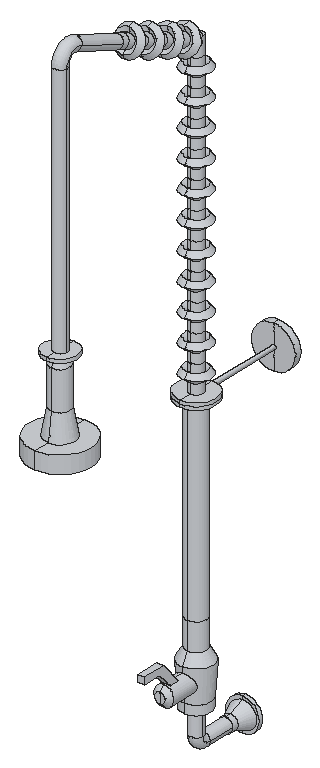
Revit family "FWS011", category Modelos genéricos, Revit 2014
Parameters
  Modelo = "FWS011"  # constant formula
  Fabricante = "Enware"  # constant formula
  Author = "Yepsketch"  # constant formula
Reference planes
  plane 1 "Centro (Frontal/Posterior)": y = 0
  plane 2: z = 0
  plane 3 "Centro (Izquierda/Derecha)": x = 0
  plane 4: y = -155
  plane 5: y = -410
  plane 6: y = -155
Forms (mm)
  Revolve 1, solid
    sketch origin (0, 0, 0) x (0, 1, 0) y (0, 0, 1)
      loop
        line (-155, 0) -> (-155, -4.258) -> (-125, -4.258) -> (-125, 0) -> (-125, 5) -> (-155, 5) -> (-155, 0)
      axis (-155, 5) -> (-155, -4.258)
    angle from 0 to 360
  Revolve 2, solid
    sketch origin (0, 0, 0) x (0, 1, 0) y (0, 0, 1)
      loop
        line (0, 0) -> (0, 32.5) -> (-10, 32.5) -> (-10, 3.156) -> (-125, 3.156) -> (-125, 0) -> (0, 0)
      axis (0, 0) -> (-125, 0)
    angle from 0 to 360
  Revolve 3, solid
    sketch origin (0, 0, 15) x (0, 1, 0) y (0, 0, 1)
      loop
        line (-139.749, -311.946) -> (-139.749, -20) -> (-155, -20) -> (-155, -434.195) -> (-133.237, -434.195) -> (-133.237, -420.003) -> (-129.749, -370.124) -> (-139.749, -352.804) -> (-139.749, -311.946)
      axis (-155, -20) -> (-155, -434.195)
    angle from 0 to 360
  Sweep 4, solid
    path origin (0, 0, 0) x (0, 1, 0) y (0, 0, 1)
      loop
        line (-410, 152.5) -> (-410, 552.887)
        arc (-410, 552.887) -> (-401.194, 569.461) -> (-382.53, 571.439) r 20
        line (-382.53, 571.439) -> (-304.621, 540.069)
    profile origin (0, -410, 352.693) x (0, -1, 0) y (1, 0, 0)
      loop
        circle (0, 0) r 10
  Revolve 5, solid
    sketch origin (0, 0, 0) x (0, 1, 0) y (0, 0, 1)
      loop
        line (-155, 5) -> (-145, 5) -> (-145, 20) -> (-132.713, 28.604) -> (-138.448, 36.795) -> (-145, 32.208) -> (-145, 46.152) -> (-145, 61.152) -> (-132.713, 69.755) -> (-138.448, 77.947) -> (-145, 73.359) -> (-145, 87.303) -> (-145, 102.303) -> (-132.713, 110.907) -> (-138.448, 119.099) -> (-145, 114.511) -> (-145, 128.455) -> (-145, 143.455) -> (-132.713, 152.059) -> (-138.448, 160.25) -> (-145, 155.663) -> (-145, 169.607) -> (-145, 184.607) -> (-132.713, 193.21) -> (-138.448, 201.402) -> (-145, 196.815) -> (-145, 210.759) -> (-145, 225.759) -> (-132.713, 234.362) -> (-138.448, 242.554) -> (-145, 237.966) -> (-145, 251.91) -> (-145, 266.91) -> (-132.713, 275.514) -> (-138.448, 283.705) -> (-145, 279.118) -> (-145, 293.062) -> (-145, 308.062) -> (-132.713, 316.666) -> (-138.448, 324.857) -> (-145, 320.27) -> (-145, 334.214) -> (-145, 349.214) -> (-132.713, 357.817) -> (-138.448, 366.009) -> (-145, 361.421) -> (-145, 375.365) -> (-145, 390.365) -> (-132.713, 398.969) -> (-138.448, 407.16) -> (-145, 402.573) -> (-145, 416.517) -> (-145, 431.517) -> (-132.713, 440.121) -> (-138.448, 448.312) -> (-145, 443.725) -> (-145, 457.669) -> (-145, 483.305) -> (-155, 483.305) -> (-155, 5)
      axis (-155, 483.305) -> (-155, 5)
    angle from 0 to 360
  Revolve 6, solid
    sketch origin (0, 0, 0) x (0, 1, 0) y (0, 0, 1)
      loop
        line (-155, 476.559) -> (-151.093, 485.764) -> (-164.9, 491.625) -> (-167.505, 506.397) -> (-177.353, 504.66) -> (-175.876, 496.284) -> (-197.118, 505.3) -> (-199.723, 520.072) -> (-209.571, 518.336) -> (-208.094, 509.959) -> (-219.178, 514.664) -> (-232.986, 520.525) -> (-235.59, 535.297) -> (-245.438, 533.561) -> (-243.961, 525.184) -> (-255.046, 529.889) -> (-268.853, 535.75) -> (-271.458, 550.522) -> (-281.306, 548.786) -> (-279.829, 540.409) -> (-290.914, 545.114) -> (-302.007, 549.823) -> (-304.621, 540.069) -> (-155, 476.559)
      axis (-305.914, 540.618) -> (-155, 476.559)
    angle from 0 to 360
  Revolve 7, solid
    sketch origin (0, 0, 32.5) x (0, 1, 0) y (0, 0, 1)
      loop
        line (-410, 140) -> (-410, -1.695) -> (-362.924, -1.695) -> (-362.924, 24.165) -> (-387.924, 24.165) -> (-394.87, 63.557) -> (-394.87, 120.905) -> (-400, 135) -> (-385, 135) -> (-385, 140) -> (-410, 140)
      axis (-410, 140) -> (-410, -1.695)
    angle from 0 to 360
  Revolve 8, solid
    sketch origin (0, 0, 20) x (0, 1, 0) y (0, 0, 1)
      loop
        line (-170.298, -398.669) -> (-170.298, -383.669) -> (-215.298, -383.669) -> (-222.369, -390.74) -> (-222.369, -398.669) -> (-170.298, -398.669)
      axis (-170.298, -398.669) -> (-222.369, -398.669)
    angle from 0 to 360
  Revolve 9, solid
    sketch origin (0, 10, -12.5) x (0, 1, 0) y (0, 0, 1)
      loop
        line (-72.771, -455.896) -> (-109.43, -455.896) -> (-109.43, -466.937) -> (-101.111, -466.937) -> (-77.771, -475.896) -> (-77.771, -480.896) -> (-72.771, -480.896) -> (-72.771, -455.896)
      axis (-72.771, -455.896) -> (-109.43, -455.896)
    angle from 0 to 360
  Sweep 10, solid
    path origin (0, 0, 0) x (0, 1, 0) y (0, 0, 1)
      loop
        line (-155, -419.195) -> (-155, -455.588)
        arc (-155, -455.588) -> (-151.249, -464.645) -> (-142.192, -468.396) r 12.808
        line (-142.192, -468.396) -> (-99.43, -468.396)
    profile origin (0, -155, -437.392) x (1, 0, 0) y (0, 1, 0)
      loop
        circle (0, 0) r 10
  Extrusion 11, solid
    sketch origin (0, 0, 0) x (0, 1, 0) y (0, 0, 1)
      loop
        line (-207.788, -367.365) -> (-193.444, -367.365) -> (-222.369, -332.893) -> (-257.369, -332.893) -> (-257.369, -342.893) -> (-232.26, -342.893) -> (-207.788, -367.365)
    from -5.025 to 5.159
Lines and regions (mm)
  symbolic lines
    curve 1: line (0, -520, 600.805) -> (0, -520, -419.195)
    curve 2: line (0, -460, -421.695) -> (0, -460, 33.305)
    curve 3: line (0, -520, -419.195) -> (0, -60, -419.195)
    curve 4: line (0, -257.369, -454.098) -> (0, -62.369, -454.098)
Dimensions and locks
  aligned and locked: level to plane 2
